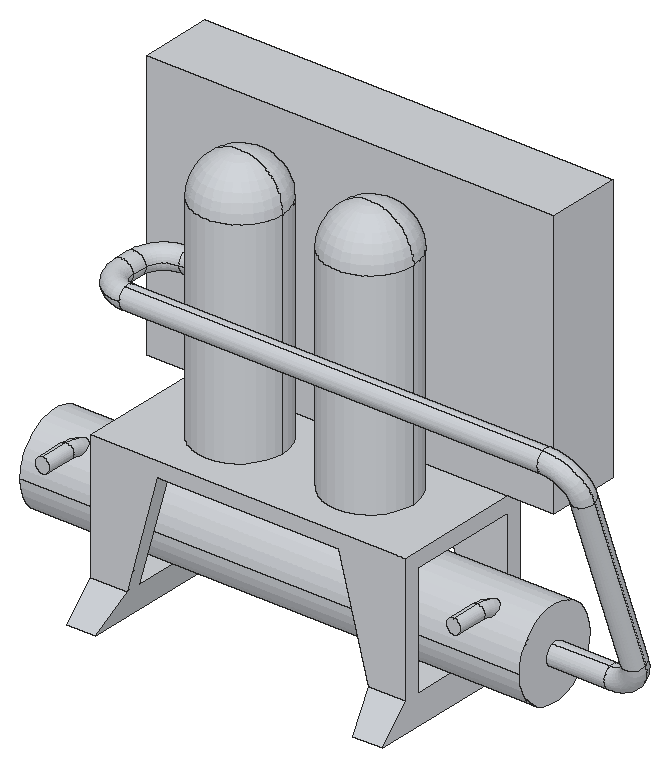
Revit family "M_Resfriador de rolagem - Sem condensador - 70-105 kW", category Equipamento mecânico, Revit 2019
Family settings
  Cota do conector redondo = Usar raio
  Tipo de parte = Normal
  Número OmniClass = 23.75.10.24.21.21
  Título OmniClass = Packaged Water Chillers
  ID de item do Seek = Scroll Chiller - Condenserless - 70-105 kW-0000-CAN-ENU
  Com base no plano de trabalho = Não
  Sempre na vertical = Sim
  Corte com vazios quando carregada = Não
  Compartilhado = Não
  Ponto de cálculo do ambiente = Não
Parameters (values of type "70 kW")
  Largura 2 = Largura 1 - 102 mm  # 695 mm
  Largura 1 = 797 mm
  Classificação de carga = Refrigeração
  Material do resfriador de coluna sem condensador = none
  Voltagem = 460 V
  Número de pólos = 3
  Altura = 181 mm
  Distância 1 = 1422 mm
  Capacidade de refrigeração [instance] = 15200 W
  Queda de pressão da água resfriada [instance] = 98000.0 Pa
  Raio do fornecimento de água resfriada = Diâmetro do fornecimento de água resfriada / 2  # 25 mm
  Diâmetro do fornecimento de água resfriada = 50 mm
  Raio do retorno de água resfriada = Diâmetro do retorno de água resfriada / 2  # 25 mm
  Diâmetro do retorno de água resfriada = 50 mm
  Fluxo da água resfriada [instance] = 4.54 L/s
  C1 Deslocamento 1 = 391 mm
  Carga aparente = 20700 VA
Types (4, lengths in mm): name | Largura 2 | Largura 1 | Altura | Distância 1 | Capacidade de refrigeração | Queda de pressão da água resfriada | Raio do fornecimento de água resfriada | Diâmetro do fornecimento de água resfriada | Raio do retorno de água resfriada | Diâmetro do retorno de água resfriada | Fluxo da água resfriada | C1 Deslocamento 1 | Carga aparente
  (no name) | 695 | 797 | 181 | 1422 | 15200 W | 98000.0 Pa | 25 | 50 | 25 | 50 | 4.54 L/s | 391 | 20700 VA
  70 kW | 695 | 797 | 181 | 1422 | 15200 W | 98000.0 Pa | 25 | 50 | 25 | 50 | 4.54 L/s | 391 | 20700 VA
  88 kW | 695 | 797 | 181 | 1422 | 19000 W | 90000.0 Pa | 25 | 50 | 25 | 50 | 5.68 L/s | 391 | 27600 VA
  105 kW | 716 | 818 | 254 | 1384 | 22800 W | 108000.0 Pa | 32 | 64 | 32 | 64 | 6.81 L/s | 441 | 32200 VA
Reference planes
  plane 1 "Centro (Frente/Trás)": y = 0
  plane 2: z = 0
  plane 3 "Centro (Esquerda/Direita)": x = 0
  plane 4: x = 1092.2
  plane 5: y = 796.925
  plane 6: y = 695.325
  plane 7: y = 593.725
  plane 8: y = 542.925
  plane 9: y = 101.6
  plane 10: y = 152.4
  plane 11: y = 288.925
  plane 12: x = -884.237
  plane 13: z = 542.925
  plane 14: z = 101.6
  plane 15: z = 492.125
  plane 16: x = 1976.438
  plane 17: x = -1011.237
  plane 18: x = 2103.438
  plane 19: x = 546.1
  plane 20: x = -317.5
  plane 21: x = 1409.7
  plane 22: z = 254
  plane 23: y = 347.662
  plane 24: x = 101.6
  plane 25: x = 990.6
  plane 26 "3": x = -164.9
  plane 27 "4": x = 1257.1
  plane 28: z = 1431.925
  plane 29: z = 1282.7
  plane 30: x = 320.675
  plane 31: x = 771.525
  plane 32: x = 469.9
  plane 33: z = 1466.85
  plane 34: x = 1250.95
  plane 35: x = -158.75
  plane 36: y = 58.737
  plane 37 "2": z = 1047.75
  plane 38 "1": through (0, 347.662, 254) normal (0, -0.9397, -0.342)
  plane 39: x = 2179.638
  plane 40: z = 391
  plane 41: y = 203.2
  plane 42: x = 1308.1
  plane 43: z = 50.8
Forms (mm)
  Extrusion 1, solid, material <- "Material do resfriador de coluna sem condensador"
    sketch origin (0, 0, 0) x (0, 1, 0) y (0, 0, 1)
      loop
        line (0, 542.925) -> (0, 0) -> (695.325, 0) -> (695.325, 542.925) -> (0, 542.925)
    from 0 to 1092.2
  Extrusion 2, void
    sketch origin (0, 0, 0) x (0, 1, 0) y (0, 0, 1)
      loop
        line (0, 542.925) -> (0, 0) -> (101.6, 101.6) -> (101.6, 542.925) -> (0, 542.925)
    from 0 to 1092.2
  Extrusion 3, void
    sketch origin (0, 0, 0) x (0, 1, 0) y (0, 0, 1)
      loop
        line (695.325, 542.925) -> (593.725, 542.925) -> (593.725, 101.6) -> (695.325, 0) -> (695.325, 542.925)
    from 0 to 1092.2
  Extrusion 4, void
    sketch origin (0, 0, 0) x (0, 1, 0) y (0, 0, 1)
      loop
        line (542.925, 492.125) -> (152.4, 492.125) -> (152.4, 101.6) -> (542.925, 101.6) -> (542.925, 492.125)
    from 0 to 1092.2
  Extrusion 5, solid, material <- "Material do resfriador de coluna sem condensador"
    sketch origin (0, 0, 0) x (0, 1, 0) y (0, 0, 1)
      loop
        circle (347.662, 254) r 152.4
    from -317.5 to 1409.7
  Extrusion 6, void
    sketch origin (0, 0, 0) x (1, 0, 0) y (0, 0, 1)
      loop
        line (101.6, 0) -> (990.6, 0) -> (858.736, 492.125) -> (233.464, 492.125) -> (101.6, 0)
    from 0 to -695.325
  Revolve 7, solid, material <- "Material do resfriador de coluna sem condensador"
    sketch origin (0, 347.662, 0) x (1, 0, 0) y (0, 0, -1)
      loop
        line (469.9, -542.925) -> (320.675, -542.925) -> (320.675, -1431.925)
        arc (320.675, -1431.925) -> (426.193, -1388.218) -> (469.9, -1282.7) r 149.225
        line (469.9, -1282.7) -> (469.9, -542.925)
      axis (320.675, -1431.925) -> (320.675, -542.925)
    angle from 0 to 360
  Revolve 8, solid, material <- "Material do resfriador de coluna sem condensador"
    sketch origin (1092.2, 347.662, 0) x (-1, 0, 0) y (0, 0, 1)
      loop
        line (469.9, 542.925) -> (469.9, 1282.7)
        arc (469.9, 1282.7) -> (426.193, 1388.218) -> (320.675, 1431.925) r 149.225
        line (320.675, 1431.925) -> (320.675, 542.925) -> (469.9, 542.925)
      axis (320.675, 1431.925) -> (320.675, 542.925)
    angle from 0 to 360
  Extrusion 9, solid, material <- "Material do resfriador de coluna sem condensador"
    sketch origin (0, 0, 0) x (1, 0, 0) y (0, 0, 1)
      loop
        line (-158.75, 1466.85) -> (-158.75, 542.925) -> (1250.95, 542.925) -> (1250.95, 1466.85) -> (-158.75, 1466.85)
    from -542.925 to -796.925
  Sweep 10, solid, material <- "Material do resfriador de coluna sem condensador"
    path in 3D
      loop
        arc (164.761, 58.876, 1047.75) -> (92.919, 88.634, 1047.75) -> (63.161, 160.476, 1047.75) r 101.6
        line (63.161, 160.476, 1047.75) -> (63.161, 215.762, 1047.75)
        arc (63.161, 215.762, 1047.75) -> (92.919, 287.604, 1047.75) -> (164.761, 317.362, 1047.75) r 101.6
        line (164.761, 317.362, 1047.75) -> (202.861, 317.362, 1047.75)
    profile origin (63.161, 188.119, 1047.75) x (-1, 0, 0) y (0, 0, 1)
      loop
        circle (0, 0) r 38.1
  Sweep 11, solid, material <- "Material do resfriador de coluna sem condensador"
    path in 3D
      loop
        line (1409.7, 347.662, 254) -> (1610.625, 347.662, 254)
        arc (1610.625, 347.662, 254) -> (1682.467, 337.484, 281.963) -> (1712.225, 312.911, 349.472) r 101.6
        line (1712.225, 312.911, 349.472) -> (1712.225, 93.719, 951.648)
        arc (1712.225, 93.719, 951.648) -> (1682.467, 69.145, 1019.157) -> (1610.625, 58.967, 1047.12) r 101.6
        line (1610.625, 58.967, 1047.12) -> (164.761, 58.967, 1047.12)
    profile origin (887.693, 58.967, 1047.12) x (0, 0.342045, -0.939684) y (0, -0.939684, -0.342045)
      loop
        circle (-0.623, -0.13) r 38.1
  Sweep 12, solid, material <- "Material do resfriador de coluna sem condensador"
    path in 3D
      loop
        line (-164.9, 101.6, 391) -> (-164.9, 203.2, 391)
        arc (-164.9, 203.2, 391) -> (-164.9, 302.747, 351.304) -> (-164.9, 347.662, 254) r 144.666
    profile origin (-164.9, 152.4, 391) x (0, 0, 1) y (1, 0, 0)
      loop
        circle (0, 0) r 25
  Sweep 13, solid, material <- "Material do resfriador de coluna sem condensador"
    path in 3D
      loop
        line (-164.9, 101.6, 391) -> (-164.9, 203.2, 391)
        arc (-164.9, 203.2, 391) -> (-164.9, 302.747, 351.304) -> (-164.9, 347.662, 254) r 144.666
    profile origin (-164.9, 152.4, 391) x (0, 0, 1) y (1, 0, 0)
      loop
        circle (0, 1422.4) r 25
Cuts and joins
  Extrusion 2, Extrusion 3, Extrusion 4, Extrusion 6 cuts Extrusion 1
  joined: Extrusion 1, Extrusion 5, Revolve 7, Revolve 8, Extrusion 9, Sweep 10, Sweep 11, Sweep 12, Sweep 13
Lines and regions (mm)
  reference lines
    curve 1: line (1409.7, 347.662, 254) -> (1610.625, 347.662, 254)
    curve 2: arc (1610.625, 347.662, 254) -> (1682.467, 337.484, 281.963) -> (1712.225, 312.911, 349.472) r 101.6
    curve 3: line (1712.225, 312.911, 349.472) -> (1712.225, 93.719, 951.648)
    curve 4: arc (1712.225, 93.719, 951.648) -> (1682.467, 69.145, 1019.157) -> (1610.625, 58.967, 1047.12) r 101.6
    curve 5: line (1610.625, 58.967, 1047.12) -> (164.761, 58.967, 1047.12)
    curve 9: line (164.761, 317.362, 1047.75) -> (202.861, 317.362, 1047.75)
    curve 19: line (-164.9, 101.6, 391) -> (-164.9, 203.2, 391)
    curve 20: arc (-164.9, 203.2, 391) -> (-164.9, 302.747, 351.304) -> (-164.9, 347.662, 254) r 144.666
    curve 21: line (1257.1, 101.6, 391) -> (1257.1, 203.2, 391)
    curve 24: arc (1257.1, 203.2, 391) -> (1257.1, 302.747, 351.304) -> (1257.1, 347.662, 254) r 144.666
  model lines
    curve 6: line (63.161, 160.476, 1047.75) -> (63.161, 215.762, 1047.75)
    curve 7: arc (63.161, 215.762, 1047.75) -> (92.919, 287.604, 1047.75) -> (164.761, 317.362, 1047.75) r 101.6
    curve 8: arc (63.161, 160.476, 1047.75) -> (92.919, 88.634, 1047.75) -> (164.761, 58.876, 1047.75) r 101.6
  sketch lines
    curve 10: line (63.161, 160.476, 1047.75) -> (63.161, 215.762, 1047.75)
    curve 11: arc (63.161, 215.762, 1047.75) -> (92.919, 287.604, 1047.75) -> (164.761, 317.362, 1047.75) r 101.6
    curve 12: line (164.761, 317.362, 1047.75) -> (202.861, 317.362, 1047.75)
    curve 13: arc (63.161, 160.476, 1047.75) -> (92.919, 88.634, 1047.75) -> (164.761, 58.876, 1047.75) r 101.6
    curve 14: line (1610.625, 58.967, 1047.12) -> (164.761, 58.967, 1047.12)
    curve 15: arc (1712.225, 93.719, 951.648) -> (1682.467, 69.145, 1019.157) -> (1610.625, 58.967, 1047.12) r 101.6
    curve 16: line (1712.225, 312.911, 349.472) -> (1712.225, 93.719, 951.648)
    curve 17: arc (1610.625, 347.662, 254) -> (1682.467, 337.484, 281.963) -> (1712.225, 312.911, 349.472) r 101.6
    curve 18: line (1409.7, 347.662, 254) -> (1610.625, 347.662, 254)
    curve 22: line (-164.9, 101.6, 391) -> (-164.9, 203.2, 391)
    curve 23: arc (-164.9, 203.2, 391) -> (-164.9, 302.747, 351.304) -> (-164.9, 347.662, 254) r 144.666
    curve 25: line (-164.9, 101.6, 391) -> (-164.9, 203.2, 391)
    curve 26: arc (-164.9, 203.2, 391) -> (-164.9, 302.747, 351.304) -> (-164.9, 347.662, 254) r 144.666
Dimensions and locks
  plane 3 "Centro (Esquerda/Direita)" to plane 4 = 1092.2 mm
  plane 5 to plane 1 "Centro (Frente/Trás)" = 796.925 mm
  locked: plane 5 to plane 6 at 101.6
  locked: plane 6 to plane 7 at 101.6
  locked: plane 7 to plane 8 at 50.8
  locked: plane 9 to plane 1 "Centro (Frente/Trás)" at 101.6
  locked: plane 10 to plane 9 at 50.8
  plane 11 to plane 1 "Centro (Frente/Trás)" = 288.925 mm
  plane 12 to plane 3 "Centro (Esquerda/Direita)" = 884.237 mm
  plane 1 "Centro (Frente/Trás)" to plane 6 = 695.325 mm
  plane 1 "Centro (Frente/Trás)" to plane 9 = 101.6 mm
  plane 7 to plane 6 = 101.6 mm
  plane 13 to plane 2 = 542.925 mm
  plane 14 to plane 2 = 101.6 mm
  locked: plane 13 to plane 15 at 50.8
  plane 3 "Centro (Esquerda/Direita)" to plane 12 = 884.238 mm
  plane 3 "Centro (Esquerda/Direita)" to plane 17 = 1011.238 mm
  plane 16 to plane 3 "Centro (Esquerda/Direita)" = 1976.438 mm
  equal spacing: plane 4, plane 19, plane 3 "Centro (Esquerda/Direita)"
  plane 19 to plane 20 = 863.6 mm
  locked: plane 22 to plane 14 at 152.4
  plane 23 to plane 1 "Centro (Frente/Trás)" = 347.663 mm
  locked: plane 24 to plane 3 "Centro (Esquerda/Direita)" at 101.6
  locked: plane 4 to plane 25 at 101.6
  plane 28 to plane 13 = 889 mm
  locked: plane 28 to plane 29 at 149.225
  plane 19 to plane 30 = 225.425 mm
  plane 19 to plane 31 = 225.425 mm
  plane 33 to plane 13 = 923.925 mm
  plane 34 to plane 19 = 704.85 mm
  plane 35 to plane 19 = 704.85 mm
  plane 37 "2" to plane 2 = 1047.75 mm
  plane 39 to plane 18 = 76.2 mm
  "C1 Deslocamento 1": plane 40 to plane 2
  plane 41 to plane 9 = 101.6 mm
  equal spacing: plane 27 "4", plane 19, plane 26 "3"
  "Distância 1": plane 27 "4" to plane 26 "3"
  locked: plane 21 to plane 42 at 101.6
  "Raio do retorno de água resfriada": radius of Sweep 12 sketch curve
  "Raio do fornecimento de água resfriada": radius of Sweep 13 sketch curve
  aligned and locked: plane 1 "Centro (Frente/Trás)" to Extrusion 1 sketch curve
  aligned and locked: Extrusion 1 sketch curve to plane 13
  aligned and locked: level to Extrusion 1 sketch curve
  aligned and locked: plane 4 to Extrusion 1
  aligned and locked: Extrusion 1 to plane 3 "Centro (Esquerda/Direita)"
  aligned and locked: Extrusion 1 to Extrusion 2
  aligned and locked: Extrusion 1 to Extrusion 3
  aligned and locked: plane 7 to Extrusion 3
  aligned and locked: Extrusion 3 to plane 6
  aligned and locked: plane 2 to Extrusion 3 sketch curve
  aligned and locked: plane 14 to Extrusion 3 sketch curve
  aligned and locked: plane 7 to Extrusion 3 sketch curve
  aligned and locked: plane 6 to Extrusion 3 sketch curve
  aligned and locked: Extrusion 1 to plane 6
  aligned and locked: plane 8 to Extrusion 4 sketch curve
  aligned and locked: plane 15 to Extrusion 4 sketch curve
  aligned and locked: plane 14 to Extrusion 4 sketch curve
  aligned and locked: plane 10 to Extrusion 4 sketch curve
  aligned and locked: plane 4 to Extrusion 4
  aligned and locked: Extrusion 4 to plane 3 "Centro (Esquerda/Direita)"
  aligned and locked: plane 23 to Extrusion 5 sketch curve
  aligned and locked: plane 22 to Extrusion 5 sketch curve
  aligned and locked: Extrusion 5 to plane 20
  aligned and locked: Extrusion 5 to plane 21
  aligned and locked: Extrusion 6 sketch curve to plane 15
  aligned and locked: Extrusion 6 to plane 6
  aligned and locked: plane 1 "Centro (Frente/Trás)" to Extrusion 6
  aligned and locked: Revolve 7 sketch curve to Revolve 7 sketch curve
  aligned and locked: Revolve 8 sketch curve to Revolve 8 sketch curve
  aligned and locked: plane 35 to Extrusion 9 sketch curve
  aligned and locked: Extrusion 9 sketch curve to plane 33
  aligned and locked: plane 13 to Extrusion 9 sketch curve
  aligned and locked: Extrusion 9 sketch curve to plane 34
  aligned and locked: Extrusion 9 to plane 5
  aligned and locked: plane 8 to Extrusion 9
  aligned and locked: plane 37 "2" to Sweep 10 sketch curve
  aligned and locked: plane 22 to curve 20
  aligned and locked: plane 35 to Extrusion 9
  aligned and locked: plane 40 to Sweep 12 sketch curve
  aligned and locked: Sweep 12 sketch curve to curve 20
  aligned and locked: plane 23 to curve 1
  aligned and locked: plane 22 to curve 1
  aligned and locked: plane 22 to curve 24
  aligned and locked: plane 23 to curve 20
Automatic sketch dimensions
  Extrusion 3 sketch curve to plane 13 = 0 mm
  Extrusion 6 sketch curve to level = 0 mm
  Extrusion 6 sketch curve to plane 24 = 0 mm
  Extrusion 6 sketch curve to plane 25 = 0 mm
  Extrusion 6 sketch curve to plane 30 = 87.211 mm
  Extrusion 6 sketch curve to plane 31 = 87.211 mm
  Revolve 7 sketch curve to plane 13 = 0 mm  (x2)
  Revolve 7 sketch curve to plane 30 = 0 mm
  Revolve 7 sketch curve to plane 29 = 0 mm
  Revolve 7 sketch curve to plane 32 = 0 mm
  Revolve 7 sketch curve to plane 28 = 0 mm
  Revolve 8 sketch curve to plane 13 = 0 mm  (x2)
  Revolve 8 sketch curve to plane 31 = 0 mm
  Revolve 8 sketch curve to plane 29 = 0 mm
  Revolve 8 sketch curve to plane 28 = 0 mm  (x2)
  curve 1 to plane 21 = 0 mm
  curve 5 to plane 21 = 200.925 mm
  curve 4 to curve 4 = 101.6 mm
  curve 3 to curve 2 = 640.829 mm
  curve 2 to curve 1 = 101.6 mm
  plane 24 to curve 5 = 63.161 mm
  curve 9 to plane 11 = 28.437 mm
  plane 24 to curve 9 = 63.161 mm
  curve 9 to curve 9 = 38.1 mm
  curve 7 to plane 11 = 28.437 mm
  curve 7 to plane 10 = 63.362 mm
  curve 8 to plane 10 = 8.076 mm
  plane 36 to curve 8 = 0.138 mm
  curve 6 to plane 24 = 38.439 mm
  Sweep 10 sketch curve to profile plane = 0 mm
  Sweep 11 sketch curve to profile plane = 0.13 mm
  profile plane to Sweep 11 sketch curve = 0.623 mm
  curve 20 to plane 40 = 0 mm
  curve 19 to plane 41 = 0 mm
  curve 19 to plane 9 = 0 mm
  Extrusion 1 sketch curve to plane 6 = 0 mm
  Extrusion 2 sketch curve to plane 1 "Centro (Frente/Trás)" = 0 mm
  Extrusion 2 sketch curve to plane 9 = 0 mm
  Extrusion 2 sketch curve to level = 0 mm
  Extrusion 2 sketch curve to plane 14 = 0 mm
  Extrusion 2 sketch curve to plane 13 = 0 mm
  curve 21 to plane 40 = 0 mm
  curve 24 to plane 23 = 0 mm
  curve 21 to plane 41 = 0 mm
  curve 21 to plane 9 = 0 mm
  Sweep 13 sketch curve to profile plane = 0 mm
  profile plane to Sweep 13 sketch curve = 1422.4 mm
  radius of Extrusion 5 sketch curve = 152.4 mm
  radius of Sweep 10 sketch curve = 38.1 mm
  radius of Sweep 11 sketch curve = 38.1 mm
Connectors
  piping at (-164.9, 101.6, 391), diameter 50, driven by "Raio do retorno de água resfriada", driven by "Fluxo da água resfriada"
    settings: on Sweep 12, index 1, connector inside diameter 50 mm, connector length 0 mm, flow factor 0, pipe flow 4.54 L/s, pressure drop 0.0 Pa, fitting loss kfactor 0, connector angle 0.00°, fixture units 0, engagement length 0 mm, angle of deflection 0.00°, flow configuration 0, flow direction 1, fitting loss method 4, system type 8, joint type 0, gender type 0, connector reference index 2, connector utility 0, adjustable connector no, is connector primary yes, connector description "Entrada de água resfriada"
  piping at (1257.5, 101.6, 391), diameter 50, driven by "Raio do fornecimento de água resfriada", driven by "Queda de pressão da água resfriada", driven by "Fluxo da água resfriada"
    settings: on cut or joined group 1 (Extrusion 1, Extrusion 2, Extrusion 3, Extrusion 4, Extrusion 5, Extrusion 6, Revolve 7, Revolve 8, Extrusion 9, Sweep 10, Sweep 11, Sweep 12, Sweep 13), index 2, connector inside diameter 50 mm, connector length 0 mm, flow factor 0, pipe flow 4.54 L/s, pressure drop 98000.0 Pa, fitting loss kfactor 0, connector angle 0.00°, fixture units 0, engagement length 0 mm, angle of deflection 0.00°, flow configuration 0, flow direction 2, fitting loss method 4, system type 7, joint type 0, gender type 0, connector reference index 1, connector utility 0, adjustable connector no, is connector primary no, connector description "Saída de água resfriada"
  electrical at (546.1, 796.925, 1004.888), driven by "Carga aparente", driven by "Voltagem", driven by "Número de pólos", driven by "Classificação de carga"
    settings: on cut or joined group 1, index 3, voltage 460 V, apparent load 20700 VA, apparent load phase1 0 VA, apparent load phase2 0 VA, apparent load phase3 0 VA, power factor 0.8, load classification "Refrigeração", number of poles 3, system type 30, power factor state 1, is connector primary yes, connector utility no, sub classification motor no, connector description ""
